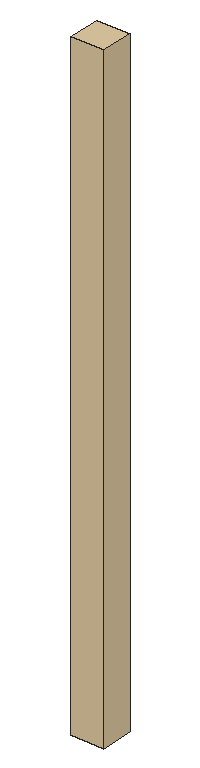
Revit family "Parallel Strand Lumber", category 구조 기둥, Revit 2026
Family settings
  단면 모양 = 정의되지 않음
  모델 동작 재료 = 목재
  항상 형상으로 내보내기 = 아니오
  평면의 보 전환 = 경계 상자에서
  로드될 때 보이드를 사용하여 절단 = 아니오
  기호 표현 = 프로젝트 설정에서
  공유 = 아니오
  평면도에서 미리 절단된 패밀리 표시 = 예
Parameters (values of type "133 x 133")
  Structural Material [instance] = Wood - Dimensional Lumber
  b = 133 mm
  d = 133 mm
  키노트 = "G20"
Types (3, lengths in mm): name | b | d
  (no name) | 133 | 133
  89 x 89 | 89 | 89
  133 x 133 | 133 | 133
Reference planes
  plane 1 "Center (Front/Back)": y = 0
  plane 2: z = 0
  plane 3 "Center (Left/Right)": x = 0
  plane 4: x = -66.5
  plane 5: x = 66.5
  plane 6: y = 66.5
  plane 7: y = -66.5
Forms (mm)
  Extrusion 1, solid, material "Wood - Dimensional Lumber" <- "Structural Material", detail levels medium+fine
    sketch origin (0, 0, 0) x (1, 0, 0) y (0, 1, 0)
      loop
        line (-66.5, 66.5) -> (-66.5, -66.5) -> (66.5, -66.5) -> (66.5, 66.5) -> (-66.5, 66.5)
    from 0 to 2500
Lines and regions (mm)
  symbolic lines, style "StructuralColumnStickSymbols", detail levels coarse
    curve 1: line (-66.5, 66.5, 0) -> (66.5, 66.5, 0)
    curve 2: line (-66.5, -66.5, 0) -> (66.5, -66.5, 0)
    curve 3: line (-66.5, 66.5, 0) -> (-66.5, -66.5, 0)
    curve 4: line (66.5, 66.5, 0) -> (66.5, -66.5, 0)
Dimensions and locks
  equal spacing: plane 4, plane 3 "Center (Left/Right)", plane 5
  equal spacing: plane 7, plane 1 "Center (Front/Back)", plane 6
  "d": plane 7 to plane 6
  "b": plane 4 to plane 5
  aligned and locked: plane 6 to Extrusion 1 sketch curve
  aligned and locked: Extrusion 1 sketch curve to plane 7
  aligned and locked: Extrusion 1 sketch curve to plane 4
  aligned and locked: plane 5 to Extrusion 1 sketch curve
  aligned and locked: level to Extrusion 1
  aligned and locked: level to plane 2
  aligned and locked: Extrusion 1 to plane 2
Automatic sketch dimensions
  curve 3 to plane 4 = 0 mm
  curve 4 to plane 5 = 0 mm
  curve 3 to plane 7 = 0 mm
  curve 3 to plane 6 = 0 mm
